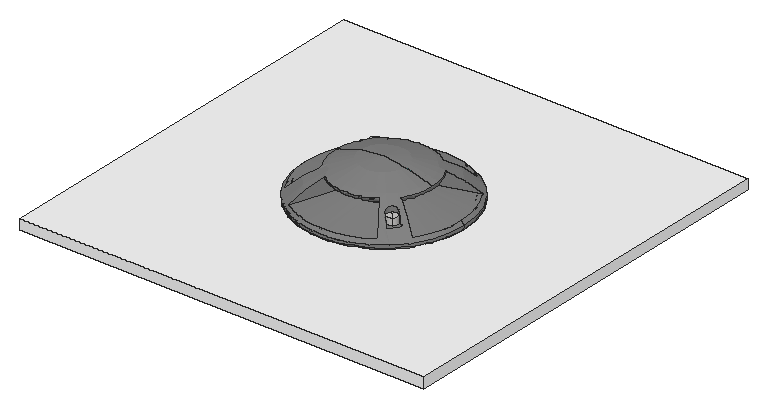
Revit family "BE_77070_de_DE", category Leuchten, Revit 2020
Family settings
  Basisbauteil = Fläche
  Bemaßung runder Anschluss = Durchmesser verwenden
  Teiletyp = Normal
  Beim Laden mit Abzugskörper schneiden = Ja
  Lichtquelle = Ja
  Gemeinsam genutzt = Nein
  Raumberechnungspunkt = Ja
Parameters (values of type "BEGA_77070_Grafit_K27")
  built-in parameter 1150104 = 8.7097 (stored number, unit not read)
  Wattage = 2.4 W
  Default Elevation = 0 mm
  built-in parameter 1150113 = 1 (stored number, unit not read)
  built-in parameter 1114218 = 1 (stored number, unit not read)
  Umgebungstemperatur = "25 °C"
  URL = "https://www.bega.com/de/produkt/77070"
  Typenkommentare = "© 2022 BEGA. Wir behalten uns das Recht vor, technische Änderungen ohne vorherige Ankündigung vorzunehmen."  # constant formula
  Type Image = 77070.png
  built-in parameter 1150134 = 12
  built-in parameter 1150109 = 1 (stored number, unit not read)
  Strom = ""
  built-in parameter 1150110 = 1 (stored number, unit not read)
  Spannung = 23.9969 V
  Sonderanfertigung = no
  Seriennummer [instance] = "Hier können Sie die eindeutige Seriennummer für das Facility Management eintragen."
  Schutzklasse = "III"
  Schutzart = "IP 67"
  Scheinlast = 0 VA
  Produktdatenblatt = "https://cdn.bega.com/bega/products/77070K3/current/documents/data-sheets/de"
  Oberflächentemperatur = "20 °C"
  Neigungswinkel = 0.00°
  Modell = "77070K27"
  Material_17 = BEGA_Reflektor
  Material_15 = BEGA_Leuchtmedium_matt
  Material_11 = BEGA_Glas_opal
  Material_09 = BEGA_Glas_klar
  Material_06 = BEGA_Oberfläche_Edelstahl_gebürstet
  Material_03 = BEGA_Oberfläche_Weiss_matt
  Material_02 = BEGA_Oberfläche_Silber_matt
  Material_01 [instance] = BEGA_Oberfläche_Grafit_matt
  M_W = no
  M_G = yes
  M_A = no
  Logo = 0
  built-in parameter 1114217 = 1 (stored number, unit not read)
  built-in parameter 1150139 = (empty or 0)
  built-in parameter 1150105 = 17.905 (stored number, unit not read)
  built-in parameter 1150114 = 1 (stored number, unit not read)
  Lumens = 225 lm
  built-in parameter 1150115 = 1 (stored number, unit not read)
  Leuchtenlichtstrom = "28 lm"
  Leuchtenanzahl = ""
  Lebensdauerkriterien = "L70B50 @ 25 °C = 200000 h"
  Lastklassifizierung = Beleuchtung
  built-in parameter 1150112 = 1 (stored number, unit not read)
  Lampenlichtstrom = "265 lm"
  Lampe = "LED 2.2 W"
  LED_Modulbezeichnung = "LED-0245/827"
  built-in parameter 1150142 = (empty or 0)
  Hersteller = "BEGA"  # constant formula
  Halbstreuwinkel = ""
  Gewicht = "0.95 kg"
  Gebrauchslageneinschränkung [instance] = ""
  Frequenz = ""
  Farbwiedergabeindex = "CRI > 80"
  Farbtemperaturverschiebung bei Dämpfen der Lampe = <Keine Auswahl>
  Farbtemperatur = "2700 K"
  Farbfilter = 16777215
  Erdstück = no
  built-in parameter 1150133 = 10 (stored number, unit not read)
  Energieeffizienzklasse = "LED A++ - A"
  built-in parameter 1150137 = (empty or 0)
  built-in parameter 1150132 = (empty or 0)
  Einbaugehäuse = no
  ENEC = "ja"
  Dimmbar [instance] = "on/off"
  Datei für fotometrisches Netz = "BE_77070K27.IES"
  CE_Konformität = "ja"
  Bestellnummer_Erdstück = if(Erdstück, "70894", "---")  # "---"
  Bestellnummer_Einbaugehäuse = if(Einbaugehäuse, "71246", "---")  # "---"
  Bestellnummer = "77070K27"
  Beschreibung_Sonderanfertigung = "Hier können Sie Informationen zur Sonderanfertigung eintragen."
  Beschreibung = "Bodenaufbauleuchte"
  built-in parameter 1150106 = 0.17905 (stored number, unit not read)
  Belastbarkeit = "1000 kg"
  Befestigungsbohrung = "Ø 6,5 mm"
  Befestigungsabstand = ""
  Ballwurfsicher = ""
  BEGA_Intern_aus = yes
  BEGA_Intern_an = yes
  BEGA_Intern_Konstruktion = yes
  BEGA_Intern = yes
  BEGA_IES = yes
  BEGA_Dummy = no
  Anschlussleitung = "1.8 m 05RN8-F 2 × 1²"
  Anschlussleistung [instance] = "2.6 W"
  Anschlusskasten = ""
  built-in parameter 1150107 = 4000 (stored number, unit not read)
  built-in parameter 1150102 = (empty or 0)
  built-in parameter 1150138 = (empty or 0)
  Aktualisierung = "2022-05-19T04:00:07"
  Abstand_zur_angestrahlten_Fläche [instance] = ""
  AC/DC = "DC"
Types (3, lengths in mm): name | built-in parameter 1150104 | built-in parameter 1150134 | Modell | built-in parameter 1150105 | Lumens | Leuchtenlichtstrom | Lampenlichtstrom | LED_Modulbezeichnung | Farbtemperatur | Datei für fotometrisches Netz | Bestellnummer | built-in parameter 1150106 | built-in parameter 1150107
  BEGA_77070_Grafit_K4 | 8.7097 (stored number, unit not read) | 12 | "77070K4" | 17.905 (stored number, unit not read) | 225 lm | "30 lm" | "290 lm" | "LED-0245/840" | "4000 K" | "BE_77070K4.IES" | "77070K4" | 0.17905 (stored number, unit not read) | 4000 (stored number, unit not read)
  BEGA_77070_Grafit_K3 | 8.129 (stored number, unit not read) | (empty or 0) | "77070K3" | 16.711 (stored number, unit not read) | 210 lm | "29 lm" | "275 lm" | "LED-0245/830" | "3000 K" | "BE_77070K3.IES" | "77070K3" | 0.16711 (stored number, unit not read) | 3000 (stored number, unit not read)
  BEGA_77070_Grafit_K27 | 8.7097 (stored number, unit not read) | 12 | "77070K27" | 17.905 (stored number, unit not read) | 225 lm | "28 lm" | "265 lm" | "LED-0245/827" | "2700 K" | "BE_77070K27.IES" | "77070K27" | 0.17905 (stored number, unit not read) | 4000 (stored number, unit not read)
Reference planes
  plane 1 "Mitte (Vorne/Hinten)": y = 0
  plane 2: z = 0
  plane 3 "Mitte (Links/Rechts)": x = 0
  plane 4 "Links": x = -79.5
  plane 5 "Rechts": x = 79.5
  plane 6 "Unten": y = -79.501
  plane 7 "Oben": y = 79.502
  plane 8 "Vorne": z = 37.765
  plane 9 "Hinten": z = 0
Forms (mm)
  Extrusion 1, solid, material "BEGA_Platte_Weiss"
    sketch origin (0, -1119.2, 0) x (1, 0, 0) y (0, 1, 0)
      loop
        line (-200, 1319.2) -> (-200, 919.2) -> (200, 919.2) -> (200, 1319.2) -> (-200, 1319.2)
    from 0 to -10
  Extrusion 2, solid, material "BEGA_Dummy_matt", visible <- "BEGA_Dummy"
    sketch origin (77.149, -76.023, 0) x (1, 0, 0) y (0, 1, 0)
      loop
        circle (-77.149, 76.023) r 79.5
    from 0 to 37.765
Dimensions and locks
  plane 1 "Mitte (Vorne/Hinten)" to Extrusion 1 = 200 mm
  aligned and locked: plane 2 to Extrusion 1
  aligned and locked: level to Extrusion 1
Nested families
  nested 1: "BE_77070" at (0, 0, 0), type "BE_77070"
Connectors
  electrical at (0, 0, 0), driven by "Lastklassifizierung", driven by "Spannung", driven by "Scheinlast"
    settings: index 1, voltage 23.9969 V, apparent load 0 VA, apparent load phase1 0 VA, apparent load phase2 0 VA, apparent load phase3 0 VA, power factor 1, load classification "Beleuchtung", number of poles 1, system type 31, power factor state 1, is connector primary yes, connector utility no, sub classification motor no, connector description ""
Definition of nested family "BE_77070"
  Parameters (values of type "BE_77070")
    Default Elevation = 1 mm
    URL = "http://www.bega.de/de/produkt"
    Type Comments = "© 2015 BEGA. Wir behalten uns das Recht vor, technische Änderungen ohne vorherige Ankündigung vorzunehmen. "  # constant formula
    Type Image = (empty or 0)
    Material_17 = none
    Material_15 = none
    Material_11 = none
    Material_09 = none
    Material_06 = none
    Material_03 = none
    Material_02 = none
    Material_01 = none
    M_W = yes
    M_G = yes
    M_A = yes
    Länge_Platte = 200 mm  # constant formula
    Höhe_Platte = -10 mm  # constant formula
    Manufacturer = "BEGA"  # constant formula
    Breite_Platte = 200 mm  # constant formula
  Reference planes
    plane 1 "Mitte (Oben/Unten)": y = 0
    plane 2: z = 0
    plane 3 "Mitte (Links/Rechts)": x = 0
    plane 4 "Vorne": z = 37.765
    plane 5 "Links": x = -79.5
    plane 6 "Oben": y = 79.502
    plane 7 "Unten": y = -79.501
    plane 8: x = 79.5
  Forms (mm)
    Extrusion 1, solid, detail levels medium
      sketch origin (0, 0, 0) x (1, 0, 0) y (0, 1, 0)
        loop
          line (-100, 100) -> (-100, -100) -> (100, -100) -> (100, 100) -> (-100, 100)
      from 0 to -10 <- "Höhe_Platte"
    Revolve 2, solid, material <- "Material_01", detail levels medium+fine
      sketch origin (0, 0, 0) x (1, 0, 0) y (0, 0, 1)
        loop
          arc (0, 37.75) -> (-43.272, 28.837) -> (-79.5, 3.549) r 109.5
          line (-79.5, 3.549) -> (-79.5, 0.75)
          arc (-79.5, 0.75) -> (-79.354, 0.396) -> (-79, 0.25) r 0.5
          line (-79, 0.25) -> (-73, 0.25) -> (-73, 5.999) -> (-44.548, 5.999) -> (-44.548, 10.74) -> (-32, 10.74) -> (-32, 27.75) -> (0, 27.75) -> (0, 37.75)
        axis (0, 37.75) -> (0, 0.25)
      angle from 0 to 360
    Revolve 3, solid, material <- "Material_01", detail levels medium+fine
      sketch origin (0, 0, 0) x (1, 0, 0) y (0, 0, 1)
        loop
          line (-46.583, 2) -> (-46.583, 4) -> (-72.478, 4) -> (-72.478, 5.999) -> (-44.5, 5.999) -> (-44.5, 2) -> (-25.5, 2) -> (-25.5, 0) -> (-44.5, 0)
          arc (-44.5, 0) -> (-45.914, 0.586) -> (-46.5, 2) r 2
        axis (0, 0) -> (0, 5.999)
      angle from 0 to 360
    Revolve 4, void
      sketch origin (0, 0, 0) x (1, 0, 0) y (0, 0, 1)
        loop
          line (45.956, 24.034) -> (31.271, 23.264) -> (31.271, 15.25) -> (33, 15.25) -> (76.979, 6.701)
          arc (76.979, 6.701) -> (62.891, 18.428) -> (47.044, 27.64) r 109.498
          arc (47.044, 27.64) -> (47.771, 25.453) -> (45.956, 24.034) r 2
        axis (0, 6.701) -> (0, 27.64)
      angle from -34.969 to 35.019
    Revolve 5, void
      sketch origin (0, 0, 0) x (0, 1, 0) y (0, 0, 1)
        loop
          line (45.956, 24.034) -> (31.271, 23.264) -> (31.271, 15.25) -> (33, 15.25) -> (76.979, 6.701)
          arc (76.979, 6.701) -> (62.891, 18.428) -> (47.044, 27.64) r 109.498
          arc (47.044, 27.64) -> (47.771, 25.453) -> (45.956, 24.034) r 2
        axis (0, 6.701) -> (0, 27.64)
      angle from -35.067 to 34.981
    Revolve 6, solid, material <- "Material_17", detail levels medium+fine
      sketch origin (0, 0, 0) x (1, 0, 0) y (0, 0, 1)
        loop
          line (-21.535, 17.762) -> (-25, 14.75) -> (-25, 10.75) -> (-24.2, 10.75) -> (-24.2, 14.385) -> (-21.044, 17.128)
          arc (-21.044, 17.128) -> (-19.5, 18.621) -> (-18.127, 20.273) r 19.8
          arc (-18.127, 20.273) -> (-17.422, 21.309) -> (-16.808, 22.401) r 14.8
          arc (-16.808, 22.401) -> (-16.352, 23.468) -> (-16.041, 24.587) r 8.8
          line (-16.041, 24.587) -> (-16.824, 24.75)
          arc (-16.824, 24.75) -> (-17.107, 23.732) -> (-17.523, 22.76) r 8
          arc (-17.523, 22.76) -> (-18.103, 21.729) -> (-18.769, 20.75) r 14
          arc (-18.769, 20.75) -> (-20.072, 19.182) -> (-21.535, 17.762) r 19
        axis (0, 24.75) -> (0, 10.75)
      angle from 0 to 360
    Revolve 7, solid, material <- "Material_09", detail levels medium+fine
      sketch origin (0, 0, 0) x (1, 0, 0) y (0, 0, 1)
        loop
          line (-26.8, 12.75) -> (-26.8, 25.75) -> (-30, 25.75) -> (-30, 12.75) -> (-26.8, 12.75)
        axis (0, 12.75) -> (0, 25.75)
      angle from 0 to 360
    Revolve 8, solid, material <- "Material_06", detail levels fine
      sketch origin (0, 0, 0) x (1, 0, 0) y (0, 0, 1)
        loop
          line (-10.451, 2.25) -> (-10.451, -7.25) -> (-8.875, -7.25) -> (-8.875, -9.25)
          arc (-8.875, -9.25) -> (-7.754, -12.027) -> (-5.018, -13.247) r 4
          line (-5.018, -13.247) -> (-3.989, -13.247) -> (-3.989, 18.772) -> (-7.5, 18.772) -> (-7.5, 10.75) -> (-10.451, 10.75) -> (-10.451, 5.999) -> (-7.5, 5.999) -> (-7.5, 2.25) -> (-10.451, 2.25)
        axis (0, 18.772) -> (0, -13.247)
      angle from 0 to 360
    Extrusion 9, void
      sketch origin (0, 0, 0) x (1, 0, 0) y (0, 1, 0)
        loop
          circle (35, 0) r 3.25
      from 0 to 3.549
    Extrusion 10, void
      sketch origin (0, 0, 0) x (-0.5, 0.866025, 0) y (-0.866025, -0.5, 0)
        loop
          circle (35, 0) r 3.25
      from 0 to 3.549
    Extrusion 11, void
      sketch origin (0, 0, 0) x (-0.5, -0.866025, 0) y (0.866025, -0.5, 0)
        loop
          circle (35, 0) r 3.25
      from 0 to 3.549
    Revolve 12, void
      sketch origin (0.704, -0.715, 0) x (0.707107, -0.707107, 0) y (0, 0, 1)
        loop
          line (-66.331, 6.5) -> (-69.222, 6.5) -> (-69.222, 3.815) -> (-66.522, 3.815) -> (-66.331, 6.5)
        axis (-69.222, 3.815) -> (-69.222, 6.5)
      angle from 0 to 360
    Revolve 13, void
      sketch origin (97.169, -97.18, 0) x (0.707107, -0.707107, 0) y (0, 0, 1)
        loop
          line (-66.331, 6.5) -> (-69.222, 6.5) -> (-69.222, 3.815) -> (-66.522, 3.815) -> (-66.331, 6.5)
        axis (-69.222, 3.815) -> (-69.222, 6.5)
      angle from 0 to 360
    Revolve 14, solid, material <- "Material_06", detail levels fine
      sketch origin (-0.003, -0.008, 0) x (0.707107, -0.707107, 0) y (0, 0, 1)
        loop
          line (-68.222, 0.7) -> (-65.622, 0.7) -> (-65.622, 6.5) -> (-68.222, 6.5) -> (-68.222, 0.7)
        axis (-68.222, 0.7) -> (-68.222, 6.5)
      angle from 0 to 360
    Revolve 15, solid, material <- "Material_06", detail levels fine
      sketch origin (-0.003, -0.008, 0) x (-0.707107, 0.707107, 0) y (0, 0, -1)
        loop
          line (-68.222, -0.706) -> (-68.222, -6.5) -> (-65.622, -6.5) -> (-65.622, -0.706) -> (-68.222, -0.706)
        axis (-68.222, -0.706) -> (-68.222, -6.5)
      angle from 0 to 360
    Extrusion 16, void
      sketch origin (0, 0, 0) x (1, 0, 0) y (0, 1, 0)
        loop
          arc (-46.669, 38.184) -> (-38.184, 38.184) -> (-38.184, 46.669) r 6
          line (-38.184, 46.669) -> (-44.862, 53.347)
          arc (-44.862, 53.347) -> (-49.287, 49.287) -> (-53.347, 44.862) r 69.703
          line (-53.347, 44.862) -> (-46.669, 38.184)
        loop
          arc (46.669, -38.184) -> (38.184, -38.184) -> (38.184, -46.669) r 6
          line (38.184, -46.669) -> (44.862, -53.347)
          arc (44.862, -53.347) -> (49.287, -49.287) -> (53.347, -44.862) r 69.703
          line (53.347, -44.862) -> (46.669, -38.184)
      from 12.75 to 33.319
    Revolve 17, solid, material <- "Material_06", detail levels fine
      sketch origin (0, 0, 0) x (0.707107, -0.707107, 0) y (0, 0, 1)
        loop
          line (-55, 18.7) -> (-60, 18.7) -> (-60, 0.7) -> (-56.75, 0.7) -> (-56.75, 12.7) -> (-55, 12.7) -> (-55, 18.7)
        axis (-60, 0.7) -> (-60, 18.7)
      angle from 0 to 360
    Revolve 18, solid, material <- "Material_06", detail levels fine
      sketch origin (84.853, -84.853, 0) x (0.707107, -0.707107, 0) y (0, 0, 1)
        loop
          line (-55, 18.7) -> (-60, 18.7) -> (-60, 0.7) -> (-56.75, 0.7) -> (-56.75, 12.7) -> (-55, 12.7) -> (-55, 18.7)
        axis (-60, 0.7) -> (-60, 18.7)
      angle from 0 to 360
    Revolve 19, void
      sketch origin (0, 0, 0) x (0, -1, 0) y (0, 0, -1)
        loop
          arc (45.956, -24.034) -> (47.771, -25.453) -> (47.044, -27.64) r 2
          arc (47.044, -27.64) -> (62.891, -18.428) -> (76.979, -6.701) r 109.498
          line (76.979, -6.701) -> (33, -15.25) -> (31.271, -15.25) -> (31.271, -23.264) -> (45.956, -24.034)
        axis (0, -6.701) -> (0, -27.64)
      angle from -34.969 to 35.019
    Revolve 20, void
      sketch origin (0, 0, 0) x (-1, 0, 0) y (0, 0, -1)
        loop
          arc (45.956, -24.034) -> (47.771, -25.453) -> (47.044, -27.64) r 2
          arc (47.044, -27.64) -> (62.891, -18.428) -> (76.979, -6.701) r 109.498
          line (76.979, -6.701) -> (33, -15.25) -> (31.271, -15.25) -> (31.271, -23.264) -> (45.956, -24.034)
        axis (0, -6.701) -> (0, -27.64)
      angle from -35.067 to 34.981
  Cuts and joins
    Revolve 4, Revolve 5, Extrusion 9, Revolve 12, Revolve 13, Extrusion 16, Revolve 19, Revolve 20 cuts Revolve 2
    Extrusion 9, Extrusion 10, Extrusion 11, Revolve 12, Revolve 13, Extrusion 16 cuts Revolve 3
  Dimensions and locks
    equal spacing: Extrusion 1 sketch curve, plane 3 "Mitte (Links/Rechts)", Extrusion 1 sketch curve
    equal spacing: Extrusion 1 sketch curve, plane 1 "Mitte (Oben/Unten)", Extrusion 1 sketch curve
    "Länge_Platte": Extrusion 1 sketch curve to Extrusion 1 sketch curve
    "Breite_Platte": Extrusion 1 sketch curve to Extrusion 1 sketch curve
    aligned and locked: Extrusion 1 to plane 2
    aligned and locked: level to Extrusion 1
  Automatic sketch dimensions
    Revolve 2 sketch curve to plane 5 "Links" = 0 mm
    Revolve 2 sketch curve to Revolve 2 sketch curve = 0.5 mm
    plane 5 "Links" to Revolve 2 sketch curve = 6.5 mm
    level to Revolve 2 sketch curve = 10.74 mm
    Revolve 2 sketch curve to Revolve 2 sketch curve = 28.452 mm
    Revolve 2 sketch curve to Revolve 2 sketch curve = 12.548 mm
    Revolve 2 sketch curve to plane 3 "Mitte (Links/Rechts)" = 0 mm
    plane 3 "Mitte (Links/Rechts)" to Revolve 2 sketch curve = 0 mm
    Revolve 2 sketch curve to Revolve 2 sketch curve = 4.741 mm
    level to Revolve 2 sketch curve = 3.549 mm
    level to Revolve 2 sketch curve = 0.75 mm
    Revolve 2 sketch curve to level = 71.75 mm
    Revolve 2 sketch curve to Revolve 2 sketch curve = 10 mm
    Revolve 2 sketch curve to Revolve 2 sketch curve = 0 mm  (x3)
    Revolve 3 sketch curve to level = 0 mm  (x2)
    Revolve 3 sketch curve to plane 3 "Mitte (Links/Rechts)" = 0 mm
    Revolve 3 sketch curve to Revolve 3 sketch curve = 25.5 mm
    level to Revolve 3 sketch curve = 5.999 mm
    Revolve 3 sketch curve to Revolve 3 sketch curve = 19 mm
    Revolve 3 sketch curve to Revolve 3 sketch curve = 0 mm  (x4)
    Revolve 3 sketch curve to Revolve 3 sketch curve = 2.083 mm
    plane 5 "Links" to Revolve 3 sketch curve = 7.022 mm
    Revolve 3 sketch curve to Revolve 3 sketch curve = 2 mm
    Revolve 3 sketch curve to Revolve 3 sketch curve = 1.999 mm
    Revolve 3 sketch curve to Revolve 3 sketch curve = 0.083 mm
    Revolve 3 sketch curve to Revolve 3 sketch curve = 3.549 mm
    Revolve 4 sketch curve to plane 3 "Mitte (Links/Rechts)" = 0 mm
    plane 3 "Mitte (Links/Rechts)" to Revolve 4 sketch curve = 0.129 mm
    level to Revolve 4 sketch curve = 15.25 mm
    plane 3 "Mitte (Links/Rechts)" to Revolve 4 sketch curve = 31.271 mm
    Revolve 4 sketch curve to Revolve 4 sketch curve = 1.729 mm
    Revolve 4 sketch curve to Revolve 4 sketch curve = 14.585 mm
    Revolve 4 sketch curve to plane 4 "Vorne" = 13.731 mm
    Revolve 4 sketch curve to Revolve 4 sketch curve = 0.099 mm
    plane 8 to Revolve 4 sketch curve = 2.521 mm
    level to Revolve 4 sketch curve = 6.701 mm
    Revolve 4 sketch curve to level = 71.298 mm
    Revolve 4 sketch curve to Revolve 4 sketch curve = 8.014 mm
    Revolve 4 sketch curve to Revolve 4 sketch curve = 1.998 mm
    level to Revolve 4 sketch curve = 14.569 mm
    Revolve 4 sketch curve to Revolve 4 sketch curve = 8.411 mm
    Revolve 5 sketch curve to level = 71.298 mm
    level to Revolve 5 sketch curve = 15.25 mm
    Revolve 5 sketch curve to Revolve 5 sketch curve = 31.142 mm
    Revolve 5 sketch curve to Revolve 5 sketch curve = 1.729 mm
    Revolve 5 sketch curve to Revolve 5 sketch curve = 14.585 mm
    Revolve 5 sketch curve to plane 4 "Vorne" = 13.731 mm
    Revolve 5 sketch curve to Revolve 5 sketch curve = 0.099 mm
    level to Revolve 5 sketch curve = 6.701 mm
    Revolve 5 sketch curve to Revolve 5 sketch curve = 31.023 mm
    Revolve 5 sketch curve to Revolve 5 sketch curve = 8.014 mm
    Revolve 5 sketch curve to Revolve 5 sketch curve = 1.998 mm
    Revolve 5 sketch curve to plane 4 "Vorne" = 14.784 mm
    Revolve 5 sketch curve to Revolve 5 sketch curve = 31.271 mm
    Revolve 5 sketch curve to Revolve 5 sketch curve = 8.411 mm
    Revolve 6 sketch curve to Revolve 6 sketch curve = 0 mm  (x8)
    Revolve 6 sketch curve to plane 3 "Mitte (Links/Rechts)" = 0 mm
    Revolve 6 sketch curve to plane 3 "Mitte (Links/Rechts)" = 16.041 mm
    Revolve 6 sketch curve to Revolve 6 sketch curve = 0.783 mm
    Revolve 6 sketch curve to Revolve 6 sketch curve = 4.22 mm
    Revolve 6 sketch curve to Revolve 6 sketch curve = 0.491 mm
    Revolve 6 sketch curve to Revolve 6 sketch curve = 3.156 mm
    Revolve 6 sketch curve to Revolve 6 sketch curve = 7.832 mm
    Revolve 6 sketch curve to Revolve 6 sketch curve = 0.8 mm
    Revolve 6 sketch curve to Revolve 6 sketch curve = 5.346 mm
    Revolve 6 sketch curve to Revolve 6 sketch curve = 4.012 mm
    level to Revolve 6 sketch curve = 10.75 mm
    Revolve 6 sketch curve to Revolve 6 sketch curve = 3.635 mm
    Revolve 6 sketch curve to Revolve 6 sketch curve = 0.365 mm
    Revolve 6 sketch curve to Revolve 6 sketch curve = 2.743 mm
    Revolve 6 sketch curve to Revolve 6 sketch curve = 0.633 mm
    Revolve 6 sketch curve to Revolve 6 sketch curve = 6.825 mm
    Revolve 6 sketch curve to Revolve 6 sketch curve = 0.163 mm
    Revolve 6 sketch curve to Revolve 6 sketch curve = 1.632 mm
    Revolve 6 sketch curve to Revolve 6 sketch curve = 2.724 mm
    Revolve 6 sketch curve to Revolve 6 sketch curve = 2.984 mm
    Revolve 6 sketch curve to Revolve 6 sketch curve = 0.767 mm
    Revolve 6 sketch curve to Revolve 6 sketch curve = 0.715 mm
    Revolve 6 sketch curve to Revolve 6 sketch curve = 1.319 mm
    Revolve 6 sketch curve to Revolve 6 sketch curve = 0.642 mm
    level to Revolve 6 sketch curve = 16.245 mm
    Revolve 6 sketch curve to Revolve 6 sketch curve = 5 mm
    Revolve 7 sketch curve to plane 3 "Mitte (Links/Rechts)" = 0 mm
    level to Revolve 7 sketch curve = 12.75 mm
    Revolve 7 sketch curve to plane 3 "Mitte (Links/Rechts)" = 26.8 mm
    Revolve 7 sketch curve to Revolve 7 sketch curve = 3.2 mm
    Revolve 7 sketch curve to plane 4 "Vorne" = 12.015 mm
    level to Revolve 7 sketch curve = 16.499 mm
    Revolve 7 sketch curve to Revolve 7 sketch curve = 5 mm
    Revolve 8 sketch curve to plane 3 "Mitte (Links/Rechts)" = 0 mm
    Revolve 8 sketch curve to plane 3 "Mitte (Links/Rechts)" = 3.989 mm
    Revolve 8 sketch curve to Revolve 8 sketch curve = 0.886 mm
    Revolve 8 sketch curve to Revolve 8 sketch curve = 1.029 mm
    Revolve 8 sketch curve to plane 3 "Mitte (Links/Rechts)" = 7.5 mm  (x2)
    level to Revolve 8 sketch curve = 2.25 mm
    Revolve 8 sketch curve to Revolve 8 sketch curve = 4 mm
    Revolve 8 sketch curve to Revolve 8 sketch curve = 1.576 mm
    Revolve 8 sketch curve to Revolve 8 sketch curve = 2.951 mm
    Revolve 8 sketch curve to level = 7.25 mm
    Revolve 8 sketch curve to Revolve 8 sketch curve = 2 mm
    Revolve 8 sketch curve to Revolve 8 sketch curve = 0 mm  (x3)
    Revolve 8 sketch curve to Revolve 8 sketch curve = 3.749 mm
    Revolve 8 sketch curve to Revolve 8 sketch curve = 4.751 mm
    Revolve 8 sketch curve to Revolve 8 sketch curve = 8.022 mm
    plane 1 "Mitte (Oben/Unten)" to Extrusion 9 sketch curve = 0 mm
    plane 3 "Mitte (Links/Rechts)" to Extrusion 9 sketch curve = 35 mm
    Extrusion 10 sketch curve to plane 3 "Mitte (Links/Rechts)" = 17.5 mm
    Extrusion 10 sketch curve to plane 1 "Mitte (Oben/Unten)" = 30.311 mm
    Extrusion 11 sketch curve to plane 3 "Mitte (Links/Rechts)" = 17.5 mm
    plane 1 "Mitte (Oben/Unten)" to Extrusion 11 sketch curve = 30.311 mm
    level to Revolve 12 sketch curve = 3.815 mm
    Revolve 12 sketch curve to Revolve 12 sketch curve = 0 mm  (x2)
    Revolve 12 sketch curve to Revolve 12 sketch curve = 2.7 mm
    level to Revolve 12 sketch curve = 6.5 mm
    Revolve 12 sketch curve to Revolve 12 sketch curve = 0.191 mm
    Revolve 12 sketch curve to Revolve 12 sketch curve = 0.185 mm
    Revolve 12 sketch curve to Revolve 12 sketch curve = 0.949 mm
    level to Revolve 13 sketch curve = 3.815 mm
    Revolve 13 sketch curve to Revolve 13 sketch curve = 0 mm  (x2)
    Revolve 13 sketch curve to Revolve 13 sketch curve = 2.7 mm
    level to Revolve 13 sketch curve = 6.5 mm
    Revolve 13 sketch curve to Revolve 13 sketch curve = 0.191 mm
    Revolve 13 sketch curve to Revolve 13 sketch curve = 0.185 mm
    Revolve 13 sketch curve to Revolve 13 sketch curve = 0.949 mm
    level to Revolve 14 sketch curve = 0.7 mm
    Revolve 14 sketch curve to Revolve 14 sketch curve = 2.6 mm
    Revolve 14 sketch curve to Revolve 14 sketch curve = 5.8 mm
    Revolve 14 sketch curve to Revolve 14 sketch curve = 0 mm  (x2)
    Revolve 14 sketch curve to Revolve 14 sketch curve = 2.5 mm
    level to Revolve 15 sketch curve = 0.706 mm
    Revolve 15 sketch curve to Revolve 15 sketch curve = 2.6 mm
    Revolve 15 sketch curve to Revolve 15 sketch curve = 5.794 mm
    Revolve 15 sketch curve to Revolve 15 sketch curve = 0 mm  (x2)
    Revolve 15 sketch curve to Revolve 15 sketch curve = 2.5 mm
    plane 5 "Links" to Extrusion 16 sketch curve = 26.153 mm
    Extrusion 16 sketch curve to plane 6 "Oben" = 26.155 mm
    Extrusion 16 sketch curve to Extrusion 16 sketch curve = 8.485 mm  (x2)
    Extrusion 16 sketch curve to Extrusion 16 sketch curve = 10.92 mm  (x2)
    Extrusion 16 sketch curve to plane 3 "Mitte (Links/Rechts)" = 0 mm
    plane 3 "Mitte (Links/Rechts)" to Extrusion 16 sketch curve = 0 mm
    plane 8 to Extrusion 16 sketch curve = 37.074 mm
    Extrusion 16 sketch curve to Extrusion 16 sketch curve = 2.435 mm  (x3)
    Extrusion 16 sketch curve to plane 1 "Mitte (Oben/Unten)" = 0 mm
    plane 7 "Unten" to Extrusion 16 sketch curve = 37.075 mm
    Extrusion 16 sketch curve to Extrusion 16 sketch curve = 4.243 mm  (x6)
    Extrusion 16 sketch curve to Extrusion 16 sketch curve = 0 mm  (x8)
    level to Revolve 17 sketch curve = 0.7 mm  (x2)
    level to Revolve 17 sketch curve = 18.7 mm
    Revolve 17 sketch curve to Revolve 17 sketch curve = 0 mm  (x5)
    Revolve 17 sketch curve to Revolve 17 sketch curve = 3.25 mm
    Revolve 17 sketch curve to Revolve 17 sketch curve = 5 mm
    Revolve 17 sketch curve to Revolve 17 sketch curve = 6 mm
    Revolve 17 sketch curve to Revolve 17 sketch curve = 0.14 mm
    level to Revolve 18 sketch curve = 0.7 mm  (x2)
    level to Revolve 18 sketch curve = 18.7 mm
    Revolve 18 sketch curve to Revolve 18 sketch curve = 0 mm  (x5)
    Revolve 18 sketch curve to Revolve 18 sketch curve = 3.25 mm
    Revolve 18 sketch curve to Revolve 18 sketch curve = 5 mm
    Revolve 18 sketch curve to Revolve 18 sketch curve = 6 mm
    Revolve 18 sketch curve to Revolve 18 sketch curve = 0.14 mm
    Revolve 19 sketch curve to plane 1 "Mitte (Oben/Unten)" = 0 mm
    plane 1 "Mitte (Oben/Unten)" to Revolve 19 sketch curve = 0.129 mm
    level to Revolve 19 sketch curve = 15.25 mm
    plane 1 "Mitte (Oben/Unten)" to Revolve 19 sketch curve = 31.271 mm
    Revolve 19 sketch curve to Revolve 19 sketch curve = 1.729 mm
    Revolve 19 sketch curve to Revolve 19 sketch curve = 14.585 mm
    Revolve 19 sketch curve to plane 4 "Vorne" = 13.731 mm
    Revolve 19 sketch curve to Revolve 19 sketch curve = 0.099 mm
    plane 7 "Unten" to Revolve 19 sketch curve = 2.522 mm
    Revolve 19 sketch curve to Revolve 19 sketch curve = 1.998 mm
    Revolve 19 sketch curve to Revolve 19 sketch curve = 8.014 mm
    level to Revolve 19 sketch curve = 6.701 mm
    Revolve 19 sketch curve to level = 71.298 mm
    Revolve 19 sketch curve to plane 4 "Vorne" = 14.784 mm
    Revolve 19 sketch curve to Revolve 19 sketch curve = 8.411 mm
    Revolve 20 sketch curve to level = 71.298 mm
    level to Revolve 20 sketch curve = 15.25 mm
    Revolve 20 sketch curve to Revolve 20 sketch curve = 31.142 mm
    Revolve 20 sketch curve to Revolve 20 sketch curve = 1.729 mm
    Revolve 20 sketch curve to Revolve 20 sketch curve = 14.585 mm
    Revolve 20 sketch curve to plane 4 "Vorne" = 13.731 mm
    Revolve 20 sketch curve to Revolve 20 sketch curve = 0.099 mm
    level to Revolve 20 sketch curve = 6.701 mm
    Revolve 20 sketch curve to Revolve 20 sketch curve = 31.023 mm
    Revolve 20 sketch curve to Revolve 20 sketch curve = 1.998 mm
    Revolve 20 sketch curve to Revolve 20 sketch curve = 8.014 mm
    Revolve 20 sketch curve to plane 4 "Vorne" = 14.784 mm
    Revolve 20 sketch curve to Revolve 20 sketch curve = 31.271 mm
    Revolve 20 sketch curve to Revolve 20 sketch curve = 8.411 mm
    radius of Extrusion 9 sketch curve = 3.25 mm
    radius of Extrusion 10 sketch curve = 3.25 mm
    radius of Extrusion 11 sketch curve = 3.25 mm
